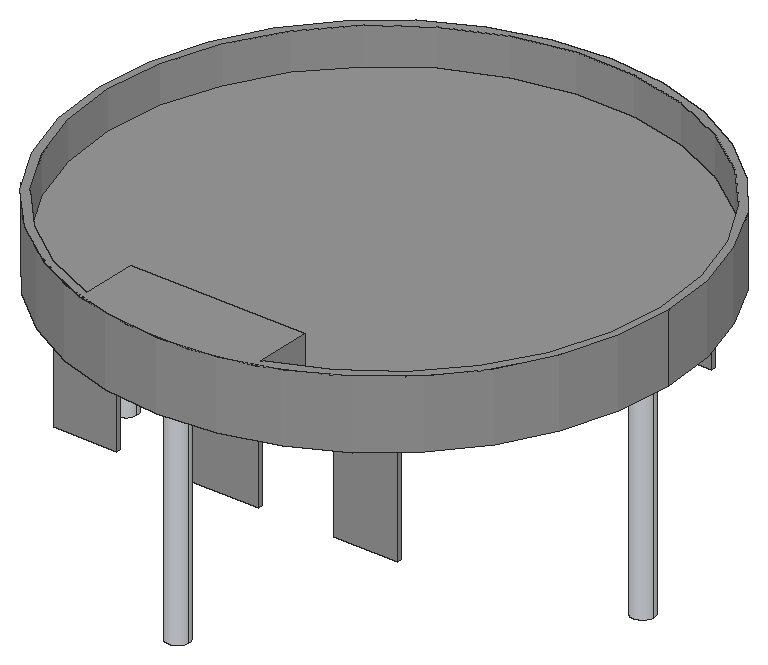
Revit family "Nivellierbare Kassette mit Schnurauslass, RKSR, 20-25, 9", category Generic Models, Revit 2015
Parameters (values of type "RKS2 R9 V20")
  URL = "http://www.obo-bettermann.com"
  Material = Stainless Steel, Polished
  Manufacturer Art.No. = "7409278"
  Manufacturer = "OBO Bettermann"
  HeightCalc = if(Height < 110 mm, 110 mm, (if(Height > 155 mm, 155 mm, Height)))  # 150 mm
  Height 1 = 36.5 mm
  Height = 150 mm
  GTIN = "4012195867586"
  Diameter 1 = 295.6 mm
  Diameter = 304 mm
  Cut depth = 20 mm
  Article Type = "RKS2 R9 V20"
Types (5, lengths in mm): name | Material | Manufacturer Art.No. | GTIN | Cut depth | Article Type
  (no name) | Stainless Steel, Polished | "7409278" | "4012195867586" | 20 | "RKS2 R9 V20"
  RKS2 R9 V20 | Stainless Steel, Polished | "7409278" | "4012195867586" | 20 | "RKS2 R9 V20"
  RKS2 R9 V25 | Stainless Steel | "7409280" | "4012195867609" | 25 | "RKS2 R9 V25"
  RKS2 R9 M20 | Brass, Soft Yellow, Welded | "7409272" | "4012195867517" | 20 | "RKS2 R9 M20"
  RKS2 R9 M25 | Brass, Soft Yellow, Welded | "7409274" | "4012195867579" | 25 | "RKS2 R9 M25"
Reference planes
  plane 1 "Center (Front/Back)": y = 0
  plane 2: z = 0
  plane 3 "Center (Left/Right)": x = 0
  plane 4: z = 113.5
  plane 5: y = 99.5
  plane 6: y = -99.5
  plane 7: z = 150
  plane 8: z = 54.7
  plane 9: z = 130
Forms (mm)
  Extrusion 1, solid
    sketch origin (0, 0, 0) x (1, 0, 0) y (0, 1, 0)
      loop
        circle (0, 138) r 6
      loop
        circle (0, -138) r 6
      loop
        circle (-138, 0) r 6
      loop
        circle (138, 0) r 6
    from 0 to 113.5
  Extrusion 2, solid, material "Stainless Steel, Polished" <- "Material"
    sketch origin (0, 0, 0) x (1, 0, 0) y (0, 1, 0)
      loop
        line (-92, 106) -> (-92, 104) -> (-58, 104) -> (-58, 106) -> (-92, 106)
      loop
        line (-18, 106) -> (-18, 104) -> (18, 104) -> (18, 106) -> (-18, 106)
      loop
        line (58, 106) -> (58, 104) -> (92, 104) -> (92, 106) -> (58, 106)
      loop
        line (-92, -104) -> (-92, -106) -> (-58, -106) -> (-58, -104) -> (-92, -104)
      loop
        line (-18, -104) -> (-18, -106) -> (18, -106) -> (18, -104) -> (-18, -104)
      loop
        line (58, -104) -> (58, -106) -> (92, -106) -> (92, -104) -> (58, -104)
    from 54.7 to 113.5
  Extrusion 3, solid, material "Stainless Steel, Polished" <- "Material"
    sketch origin (0, 0, 0) x (1, 0, 0) y (0, 1, 0)
      loop
        circle (0, 0) r 152
    from 113.5 to 150
  Extrusion 4, void
    sketch origin (0, 0, 0) x (1, 0, 0) y (0, 1, 0)
      loop
        line (-46.5, -140.505) -> (-46.5, -111) -> (46.5, -111) -> (46.5, -140.505)
        arc (46.5, -140.505) -> (0, 148) -> (-46.5, -140.505) r 148
    from 130 to 150
Cuts and joins
  Extrusion 4 cuts Extrusion 1
  Extrusion 4 cuts Extrusion 2
  Extrusion 4 cuts Extrusion 3
Dimensions and locks
  "HeightCalc": plane 7 to level
  "Height 1": plane 7 to plane 4
  locked: plane 4 to plane 8 at 58.8
  "Cut depth": plane 7 to plane 9
  locked: plane 5 to plane 6 at 199
  equal spacing: plane 5, plane 1 "Center (Front/Back)", plane 6, locked at 99.5 each
  locked: plane 1 "Center (Front/Back)" to Extrusion 1 sketch curve at 138
  locked: Extrusion 1 sketch curve to plane 1 "Center (Front/Back)" at 138
  locked: Extrusion 1 sketch curve to plane 3 "Center (Left/Right)" at 138
  locked: plane 3 "Center (Left/Right)" to Extrusion 1 sketch curve at 138
  locked: Extrusion 2 sketch curve to Extrusion 2 sketch curve at 2  (x2)
  locked: Extrusion 2 sketch curve to plane 1 "Center (Front/Back)" at 104  (x2)
  locked: Extrusion 2 sketch curve to Extrusion 2 sketch curve at 34  (x4)
  locked: Extrusion 2 sketch curve to Extrusion 2 sketch curve at 116  (x2)
  equal spacing: Extrusion 2 sketch curve, plane 3 "Center (Left/Right)", Extrusion 2 sketch curve, locked at 58 each  (x2)
  locked: Extrusion 2 sketch curve to Extrusion 2 sketch curve at 36  (x2)
  equal spacing: Extrusion 2 sketch curve, plane 3 "Center (Left/Right)", Extrusion 2 sketch curve, locked at 18 each  (x2)
  locked: Extrusion 4 sketch curve to Extrusion 4 sketch curve at 93
  equal spacing: Extrusion 4 sketch curve, plane 3 "Center (Left/Right)", Extrusion 4 sketch curve, locked at 46.5 each
  locked: Extrusion 3 to Extrusion 4 sketch curve at 41
  "Diameter": diameter of Extrusion 3 sketch curve
  diameter of Extrusion 1 sketch curve = 12 mm  (x4)
  aligned and locked: level to plane 2
  aligned and locked: plane 4 to Extrusion 1
  aligned and locked: Extrusion 1 to Extrusion 2
  aligned and locked: Extrusion 2 to plane 8
  aligned and locked: Extrusion 3 to Extrusion 1
  aligned and locked: plane 7 to Extrusion 3
  aligned and locked: Extrusion 2 sketch curve to Extrusion 2 sketch curve  (x8)
  aligned and locked: cut or joined group of Extrusion 3, Extrusion 4 to Extrusion 4
  aligned and locked: Extrusion 4 to plane 9
Automatic sketch dimensions
  Extrusion 1 sketch curve to plane 3 "Center (Left/Right)" = 0 mm  (x2)
  plane 1 "Center (Front/Back)" to Extrusion 1 sketch curve = 0 mm  (x2)
  plane 1 "Center (Front/Back)" to Extrusion 3 sketch curve = 0 mm
  Extrusion 3 sketch curve to plane 3 "Center (Left/Right)" = 0 mm
  plane 1 "Center (Front/Back)" to Extrusion 4 sketch curve = 0 mm
  Extrusion 4 sketch curve to plane 3 "Center (Left/Right)" = 0 mm
  Extrusion 4 sketch curve to Extrusion 4 sketch curve = 29.505 mm
